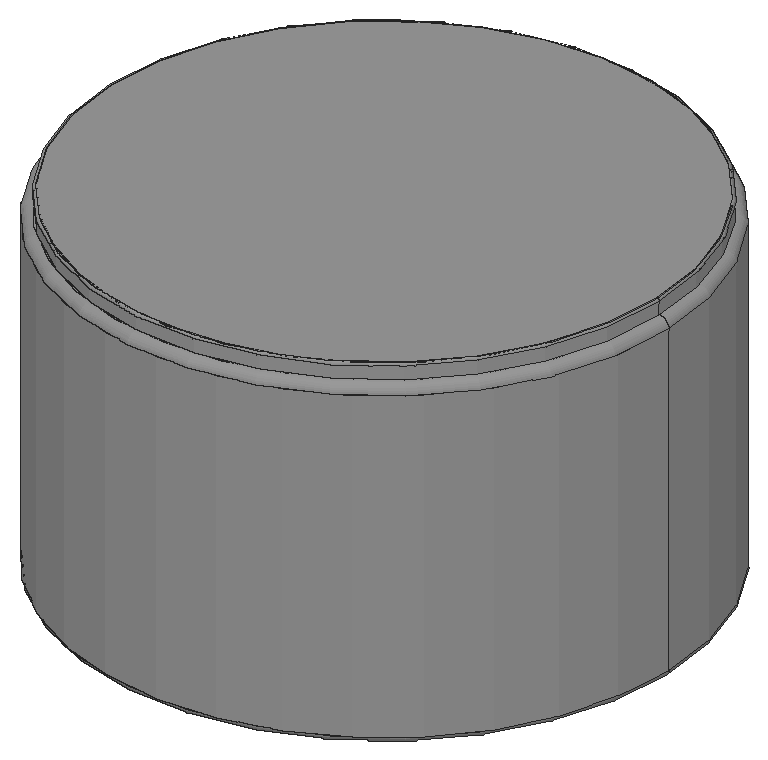
Revit family "30BOGT Center Table - Glides", category Generic Models, Revit 2018
Family settings
  Can host rebar = No
  Round Connector Dimension = Use Diameter
  Part Type = Normal
  Work Plane-Based = No
  Always vertical = Yes
  Cut with Voids When Loaded = No
  Shared = No
  Room Calculation Point = No
Parameters
  Surface = 30BOGT Surface
  Fabric = 30BOGT Fabric
  Edgeband = 30BOGT Edgeband
Reference planes (in)
  plane 1 "Center (Front/Back)": y = 0
  plane 2: z = 0
  plane 3 "Center (Left/Right)": x = 0
Forms (in)
  Revolve 1, solid, material "30BOGT Fabric" <- "Fabric"
    sketch origin (0, 0, 0) x (1, 0, 0) y (0, 0, 1)
      loop
        line (0, 17.25) -> (0, 0.375) -> (14.75, 0.375)
        arc (14.75, 0.375) -> (14.92678, 0.44822) -> (15, 0.625) r 0.25
        line (15, 0.625) -> (15, 16.75)
        arc (15, 16.75) -> (14.85355, 17.10355) -> (14.5, 17.25) r 0.5
        line (14.5, 17.25) -> (0, 17.25)
      axis (0, 17.25) -> (0, 0.375)
    angle from 0 to 360
  Revolve 2, solid, material "30BOGT Glides"
    sketch origin (0, 0, 0) x (1, 0, 0) y (0, 0, 1)
      loop
        line (11, 0.375) -> (11, 0) -> (11.25001, 0)
        arc (11.25001, 0) -> (11.42678, 0.07322) -> (11.5, 0.24999) r 0.24999
        line (11.5, 0.24999) -> (11.5, 0.375) -> (11, 0.375)
      axis (11, 0.375) -> (11, 0)
    angle from 0 to 360
  Revolve 3, solid, material "30BOGT Glides"
    sketch origin (0, 0, 0) x (-1, 0, 0) y (0, 0, 1)
      loop
        line (11, 0.375) -> (11, 0) -> (11.25001, 0)
        arc (11.25001, 0) -> (11.42678, 0.07322) -> (11.5, 0.24999) r 0.24999
        line (11.5, 0.24999) -> (11.5, 0.375) -> (11, 0.375)
      axis (11, 0.375) -> (11, 0)
    angle from 0 to 360
  Revolve 4, solid, material "30BOGT Glides"
    sketch origin (0, 0, 0) x (0, 1, 0) y (0, 0, 1)
      loop
        line (11, 0.375) -> (11, 0) -> (11.25001, 0)
        arc (11.25001, 0) -> (11.42678, 0.07322) -> (11.5, 0.24999) r 0.24999
        line (11.5, 0.24999) -> (11.5, 0.375) -> (11, 0.375)
      axis (11, 0.375) -> (11, 0)
    angle from 0 to 360
  Revolve 5, solid, material "30BOGT Glides"
    sketch origin (0, 0, 0) x (0, -1, 0) y (0, 0, -1)
      loop
        line (11, -0.375) -> (11.5, -0.375) -> (11.5, -0.24999)
        arc (11.5, -0.24999) -> (11.42678, -0.07322) -> (11.25001, 0) r 0.24999
        line (11.25001, 0) -> (11, 0) -> (11, -0.375)
      axis (11, -0.375) -> (11, 0)
    angle from 0 to 360
  Extrusion 6, solid, material "30BOGT Surface" <- "Surface"
    sketch origin (0, 0, 0) x (1, 0, 0) y (0, 1, 0)
      loop
        circle (0, 0) r 14.375
    from 17.25 to 18
  Sweep 7, solid, material "30BOGT Edgeband" <- "Edgeband"
    path origin (0, 0, 0) x (1, 0, 0) y (0, 1, 0)
      loop
        circle (0, 0) r 14.375
    profile origin (0, 14.375, 0) x (0, -1, 0) y (0, 0, 1)
      loop
        arc (0, 17.99942) -> (-0.08345, 17.96485) -> (-0.11802, 17.8814) r 0.11802
        line (-0.11802, 17.8814) -> (-0.11802, 17.25) -> (0, 17.25) -> (0, 17.99942)
Dimensions and locks (in)
  aligned and locked: plane 2 to level
